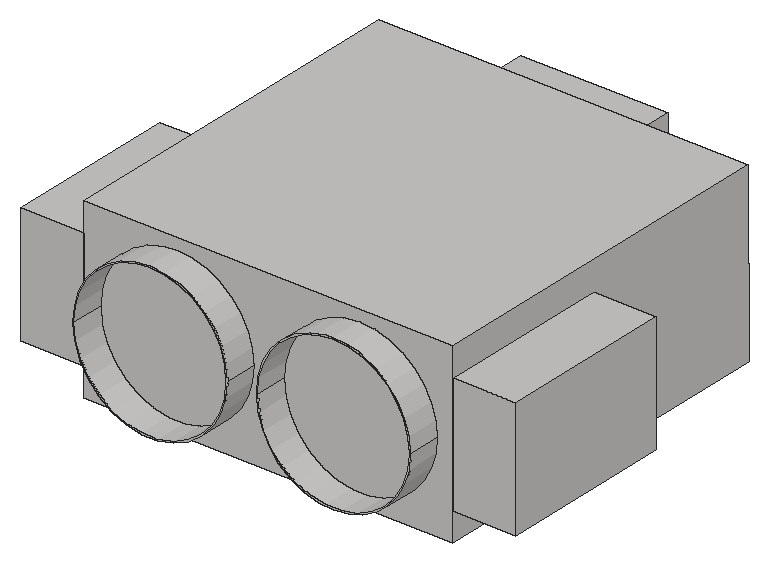
Revit family
Parameters
  Width = 3' - 2"
  Unit Weight = "171.0 lbs"
  URL = "http://www.titus-hvac.com/"
  UL = "181"
  SteriLoc Liner = Liner Option = 3  # no
  Outlet Width = 1' - 3 1/8"
  Outlet Height = 1' - 4 1/8"
  Nominal Width = Width + 1' 1"  # 4' - 3"
  Nominal Length = Length + Inlet Length + 0' 4"  # 3' - 9 3/8"
  Nominal Inlet Size = 1' - 4"
  Nominal Height = if(Height > 1' 0 1/4", Height, 1' 0 1/4")  # 1' - 6 1/8"
  NFPA = "90A"
  Model = "DEDV"
  Min. Air Flow = 0 CFM
  Max. Air Flow = 4000 CFM
  Material = Steel
  Manufacturer = "Titus"
  Liner Option = 0
  Length = 3' - 2"
  Inlet Void Radius = Inlet Radius - 0' 0 1/8"  # 0' - 7 13/16"
  Inlet Radius = Inlet Diameter / 2  # 0' - 7 15/16"
  Inlet Offset = 1' - 6 7/8"
  Inlet Length = 0' - 3 3/8"
  Inlet Diameter = Nominal Inlet Size - 0' 0 1/8"  # 1' - 3 7/8"
  Height = 1' - 6 1/8"
  Heat Air Pressure Drop [instance] = 0.00 in-wg
  Heat Air Flow [instance] = 0 CFM
  Fiber Free Liner = Liner Option = 2  # no
  Duct Radius = Nominal Inlet Size / 2  # 0' - 8"
  Design Air Flow [instance] = 0 CFM
  Description = "Dual Duct Terminal Unit, Direct Digital Control, Pressure Independent, with Integral Mixer/Attenuator"
  Cool Air Pressure Drop [instance] = 0.00 in-wg
  Cool Air Flow [instance] = 0 CFM
  CADworks URL = "www.CADworks.net"
  Assembly Code = "D3040100"
  1/2" Fiberglass Liner = Liner Option = 0  # yes
  1" Fiberglass Liner = Liner Option = 1  # no
Reference planes (in)
  plane 1 "Center (Front/Back)": y = 0
  plane 2: z = 0
  plane 3 "Center (Left/Right)": x = 0
  plane 4: x = 19
  plane 5: x = -19
  plane 6: y = 19
  plane 7: y = -19
  plane 8: z = 9.0625
  plane 9: z = -9.0625
  plane 10: x = -9.4375
  plane 11: x = 9.4375
  plane 12: y = -22.375
  plane 13: y = 23
  plane 14: x = -25.5
  plane 15: x = 25.5
Forms (in)
  Extrusion 1, solid, material "Steel" <- "Material"
    sketch origin (0, 70.5, 0) x (1, 0, 0) y (0, 0, 1)
      loop
        line (-19, 9.0625) -> (-19, -9.0625) -> (19, -9.0625) -> (19, 9.0625) -> (-19, 9.0625)
    from 51.5 to 89.5
  Extrusion 2, solid, material "Steel" <- "Material"
    sketch origin (0, 6.5, 0) x (1, 0, 0) y (0, 0, 1)
      loop
        line (19, 6.125) -> (19, -6.125) -> (25.5, -6.125) -> (25.5, 6.125) -> (19, 6.125)
    from 7.5 to 25.5
  Extrusion 3, solid, material "Steel" <- "Material"
    sketch origin (0, 8.5, 0) x (-1, 0, 0) y (0, 0, -1)
      loop
        line (19, -6.125) -> (25.5, -6.125) -> (25.5, 6.125) -> (19, 6.125) -> (19, -6.125)
    from 9.5 to 27.5
  Extrusion 4, solid, material "Steel" <- "Material"
    sketch origin (-11, -19, 0) x (1, 0, 0) y (0, 0, 1)
      loop
        circle (1.5625, 0) r 7.9375
    from 0 to 3.375
  Extrusion 5, solid, material "Steel" <- "Material"
    sketch origin (6.5, -6, 0) x (-1, 0, 0) y (0, 0, -1)
      loop
        circle (-2.9375, 0) r 7.9375
    from 13 to 16.375
  Extrusion 6, void
    sketch origin (0, -10.375, 0) x (1, 0, 0) y (0, 0, 1)
      loop
        circle (-9.4375, 0) r 7.8125
    from 8.625 to 12
  Extrusion 7, void
    sketch origin (0, 0, 0) x (1, 0, 0) y (0, 0, 1)
      loop
        circle (9.4375, 0) r 7.8125
    from 19 to 22.375
  Extrusion 8, solid, material "Steel" <- "Material"
    sketch origin (0, 23, 0) x (1, 0, 0) y (0, 0, 1)
      loop
        line (-7.5625, 8.0625) -> (-7.5625, -8.0625) -> (7.5625, -8.0625) -> (7.5625, 8.0625) -> (-7.5625, 8.0625)
    from 0 to 4
  Extrusion 9, void
    sketch origin (0, 34.5, 0) x (1, 0, 0) y (0, 0, 1)
      loop
        line (-7.4375, 7.9375) -> (-7.4375, -7.9375) -> (7.4375, -7.9375) -> (7.4375, 7.9375) -> (-7.4375, 7.9375)
    from 11.5 to 15.5
Cuts and joins
  Extrusion 6, Extrusion 7, Extrusion 9 cuts Extrusion 1
  Extrusion 6 cuts Extrusion 4
  Extrusion 7 cuts Extrusion 5
  Extrusion 9 cuts Extrusion 8
Dimensions and locks (in)
  "Length": plane 7 to plane 6
  equal spacing: plane 7, plane 1 "Center (Front/Back)", plane 6
  "Width": plane 5 to plane 4
  equal spacing: plane 5, plane 3 "Center (Left/Right)", plane 4
  "Height": plane 9 to plane 8
  equal spacing: plane 9, level, plane 8
  locked: Extrusion 2 to plane 7 at 18
  locked: Extrusion 2 to Extrusion 2 at 12.25
  equal spacing: Extrusion 2, plane 2, Extrusion 2
  locked: Extrusion 2 to plane 4 at 6.5
  locked: Extrusion 3 to Extrusion 3 at 12.25
  equal spacing: Extrusion 3, plane 2, Extrusion 3
  locked: Extrusion 3 to plane 5 at 6.5
  locked: Extrusion 3 to plane 7 at 18
  "Inlet Offset": plane 10 to plane 11
  equal spacing: plane 10, plane 3 "Center (Left/Right)", plane 11
  "Inlet Length": plane 7 to plane 12
  "Inlet Length": plane 7 to Extrusion 4
  "Inlet Length": Extrusion 5 to plane 7
  locked: plane 6 to plane 13 at 4
  "Outlet Width": Extrusion 8 sketch curve to Extrusion 8 sketch curve
  equal spacing: Extrusion 8 sketch curve, plane 3 "Center (Left/Right)", Extrusion 8 sketch curve
  locked: cut or joined group of Extrusion 8, Extrusion 9 to Extrusion 9 sketch curve at 0.125  (x3)
  locked: Extrusion 9 sketch curve to cut or joined group of Extrusion 8, Extrusion 9 at 0.125
  "Outlet Height": Extrusion 8 sketch curve to Extrusion 8 sketch curve
  equal spacing: Extrusion 8 sketch curve, plane 2, Extrusion 8 sketch curve
  "Nominal Width": plane 14 to plane 15
  plane 13 to plane 12 = 3' - 9 3/8"
  locked: plane 14 to plane 5 at 6.5
  plane 9 to cut or joined group of Extrusion 8, Extrusion 9 = 0' - 1"  (x3)
  plane 8 to cut or joined group of Extrusion 8, Extrusion 9 = 0' - 1"  (x2)
  "Inlet Radius": plane 11 to cut or joined group of Extrusion 5, Extrusion 7
  "Inlet Radius": cut or joined group of Extrusion 4, Extrusion 6 to plane 10
  "Inlet Radius": radius of Extrusion 4 sketch curve
  "Inlet Radius": radius of Extrusion 5 sketch curve
  "Inlet Void Radius": radius of Extrusion 6 sketch curve
  "Inlet Void Radius": radius of Extrusion 7 sketch curve
  aligned and locked: plane 6 to Extrusion 1
  aligned and locked: plane 4 to Extrusion 1
  aligned and locked: plane 5 to Extrusion 1
  aligned and locked: plane 7 to Extrusion 1
  aligned and locked: plane 8 to Extrusion 1
  aligned and locked: plane 7 to Extrusion 2
  aligned and locked: plane 7 to Extrusion 3
  aligned and locked: plane 12 to Extrusion 4
  aligned and locked: plane 7 to Extrusion 4
  aligned and locked: plane 7 to Extrusion 5
  aligned and locked: plane 6 to Extrusion 8
  aligned and locked: plane 13 to Extrusion 8
  aligned and locked: plane 12 to cut or joined group of Extrusion 4, Extrusion 6
  aligned and locked: plane 12 to cut or joined group of Extrusion 5, Extrusion 7
  aligned and locked: plane 13 to cut or joined group of Extrusion 8, Extrusion 9
  aligned and locked: plane 14 to Extrusion 3
  aligned and locked: plane 15 to Extrusion 2
  aligned and locked: cut or joined group of Extrusion 5, Extrusion 7 to cut or joined group of Extrusion 1, Extrusion 6, Extrusion 7, Extrusion 9
  aligned and locked: cut or joined group of Extrusion 4, Extrusion 6 to cut or joined group of Extrusion 1, Extrusion 6, Extrusion 7, Extrusion 9
  aligned and locked: cut or joined group of Extrusion 1, Extrusion 6, Extrusion 7, Extrusion 9 to cut or joined group of Extrusion 4, Extrusion 6  (x2)
  aligned and locked: plane 7 to Extrusion 7
  aligned and locked: Extrusion 7 to plane 12
  aligned and locked: plane 7 to Extrusion 6
  aligned and locked: Extrusion 6 to plane 12
  aligned and locked: Extrusion 9 to Extrusion 1
  aligned and locked: Extrusion 9 to plane 13
Automatic sketch dimensions
  Extrusion 1 sketch curve to plane 5 = 0' - 0"
  Extrusion 1 sketch curve to plane 4 = 0' - 0"
  Extrusion 1 sketch curve to plane 9 = 0' - 0"
  Extrusion 1 sketch curve to plane 8 = 0' - 0"
  Extrusion 2 sketch curve to plane 4 = 0' - 0"
  Extrusion 2 sketch curve to plane 9 = 0' - 2 15/16"
  Extrusion 2 sketch curve to Extrusion 2 sketch curve = 0' - 6 1/2"
  plane 8 to Extrusion 2 sketch curve = 0' - 2 15/16"
  Extrusion 3 sketch curve to plane 5 = 0' - 0"
  Extrusion 3 sketch curve to plane 9 = 0' - 2 15/16"
  Extrusion 3 sketch curve to Extrusion 3 sketch curve = 0' - 6 1/2"
  plane 8 to Extrusion 3 sketch curve = 0' - 2 15/16"
  Extrusion 4 sketch curve to level = 0' - 0"
  Extrusion 4 sketch curve to plane 10 = 0' - 0"
  Extrusion 5 sketch curve to level = 0' - 0"
  Extrusion 5 sketch curve to plane 11 = 0' - 0"
  Extrusion 6 sketch curve to level = 0' - 0"
  Extrusion 6 sketch curve to plane 10 = 0' - 0"
  Extrusion 7 sketch curve to level = 0' - 0"
  Extrusion 7 sketch curve to plane 11 = 0' - 0"
Connectors (in)
  hvac at (9.4375, -22.375, 0), driven by "Duct Radius", driven by "Cool Air Flow", driven by "Cool Air Pressure Drop"
    settings: on cut or joined group of Extrusion 5, Extrusion 7, index 1
  hvac at (-9.4375, -22.375, 0), driven by "Duct Radius", driven by "Heat Air Pressure Drop", driven by "Heat Air Flow"
    settings: on cut or joined group of Extrusion 4, Extrusion 6, index 2
  hvac at (0, 23, 0), driven by "Outlet Height", driven by "Outlet Width", driven by "Design Air Flow"
    settings: on cut or joined group of Extrusion 8, Extrusion 9, index 3
